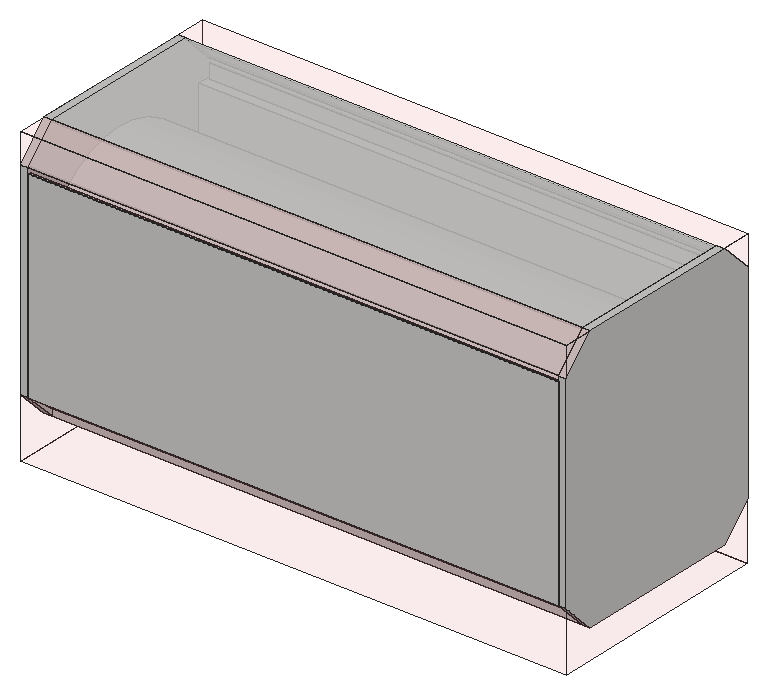
Revit family "Air-Curtain_Climate-Control_PoweredAire_ECE", category Mechanical Equipment, host Face, Revit 2022
Family settings
  Host = Face
  Round Connector Dimension = Use Diameter
  Part Type = Normal
  OmniClass Number = 23.75.35.17.21
  OmniClass Title = Air Curtains
  Cut with Voids When Loaded = No
  Maintain Annotation Orientation = No
  Shared = No
  Room Calculation Point = No
Parameters
  Warranty Duration (Years) = 0
  Unit Width Notes = "Other Widths available."  # constant formula
  Unit Width = 3' - 0"
  Unit Weight = 0
  Unit Height = 1' - 3"
  Unit Depth = 1' - 5 1/2"
  URL = "http://www.poweredaire.com/"
  Test Data = ""
  Temperature Rise_Range = "as Specified"
  Standards Conformance = "as Specified"
  Specification = "http://www.arcat.com/sdspecs/htm04/23_34_33pai.htm"
  SpecWizard = ""
  Sound Pressure = "as Specified"
  Sales Information = "http://www.poweredaire.com/contact_us"
  Revision = "R1_2016-08"
  Projection from Host [instance] = 0' - 2"
  Product Properties = ""
  Product Data = "http://www.arcat.com/arcatcos/cos47/arc47623.html"
  Power Rating = 0 W
  Outlet Volume_Range = "as Specified"
  Outlet Velocity_Range = "as Specified"
  Nozzle Width = if(1 = 1, Unit Width - 0' 1", 0' 0")  # 2' - 11"
  Mounting Width = if(1 = 1, Unit Width - 0' 0 15/16", 0' 0")  # 2' - 11 1/16"
  Mounting Height [instance] = 3' - 6"
  Motor RPM = 0
  Motor HP = 0
  Motor Count = 0
  Model = "As Specified"
  Max Height = 0' - 0"
  Manufacturer Website = "http://www.poweredaire.com/"
  Manufacturer Phone - Toll Free = "888-321-2473"
  Manufacturer Phone = "724-588-3305"
  Manufacturer Fax = "724-588-3371"
  Manufacturer Address = "109 Mortensen Rd.  Greenville, PA 16125"
  Manufacturer = "Powered Aire, Inc"
  Maintenance Schedule (Months) = 0
  Keynote = "23 34 33"
  Installation-Fabrication = ""
  Installation Phase = ""
  Include Clearance [instance] = yes
  Heating Element Load = 0 W
  HVAC_Temperature Rise [instance] = 0 °F
  HVAC_Outlet Volume [instance] = 0 CFM
  HVAC_Outlet Velocity Uniformity = 0
  HVAC_Outlet Velocity [instance] = 0 FPM
  Green Building-LEED = "http://www.arcat.com/green/clients/leed_data_47623.html"
  Front Grating Material [instance] = Metal - Steel - PoweredAire - Stainless 304 Perforated
  Frame Finish [instance] = Metal - Steel - PoweredAire - Stainless 304
  Expected Lifespan (Years) = 0
  Electrical_Wattage [instance] = Power Rating + Heating Element Load  # 0 W
  Electrical_Voltage [instance] = 0 V
  Electrical_Phase [instance] = 1
  Electrical_Frequency [instance] = 0 Hz
  Electrical_Amperage [instance] = 0 A
  Drawn By = "Sumex Design, Inc. / Robert S. Weygant, CSI, CDT, SCIP"
  Description = "Powered Aire Air Curtain as Specified"
  Default Elevation = 0' - 0"  # constant formula
  Copyright = "©Arcat Inc."
  Construction Details = "http://www.arcat.com/details/powair/prod3336.html"
  Clearance_Top [instance] = 0' - 0"
  Clearance_Side B [instance] = 0' - 0"
  Clearance_Side A [instance] = 0' - 0"
  Clearance_Intake [instance] = 0' - 0"
  Clearance_Bottom [instance] = 0' - 0"
  Clearance Material [instance] = ARCAT Clearance
  Building Codes = ""
  Available Options [instance] = "as Specified"
  Assembly Code = "D3090400"
Reference planes (in)
  plane 1 "Center (Elevation)": y = 0.13818
  plane 2: z = 0
  plane 3 "Center (Left/Right)": x = 0
  plane 4: y = 7.63818
  plane 5: y = -7.36182
  plane 6: x = -18
  plane 7: x = 18
  plane 8: z = 19.5
  plane 9 "FF": y = -41.86182
  plane 10: z = 2
  plane 11: x = 17.5
  plane 12: x = -17.5
  plane 13: y = 7.63818
  plane 14: y = -7.36182
  plane 15: x = -18
  plane 16: x = 18
  plane 17: z = 19.5
Forms (in)
  Extrusion 1, solid, material "Metal - Steel - PoweredAire - Stainless 304" <- "Frame Finish"
    sketch origin (0, 0, 0) x (0, 1, 0) y (0, 0, 1)
      loop
        line (5.69363, 2) -> (7.63818, 3.94454) -> (7.63818, 17.55546) -> (5.69363, 19.5) -> (-5.41728, 19.5) -> (-7.36182, 17.55546) -> (-7.36182, 3.94454) -> (-5.41728, 2) -> (5.69363, 2)
    from 17.5 to 18
  Extrusion 2, solid, material "Metal - Steel - PoweredAire - Stainless 304" <- "Frame Finish"
    sketch origin (0, 0, -0.5) x (0, 1, 0) y (0, 0, 1)
      loop
        circle (0.13818, 10.9739) r 6.25
      loop
        line (6.63818, 16.89427) -> (6.63818, 5.87829) -> (7.33849, 5.87829) -> (7.33849, 16.89427) -> (6.63818, 16.89427)
      loop
        line (-7.02798, 16.76927) -> (-7.02798, 5.75329) -> (-6.36182, 5.75329) -> (-6.36182, 16.76927) -> (-7.02798, 16.76927)
    from -17.5 to 17.5
  Extrusion 3, solid, material "Metal - Steel - PoweredAire - Stainless 304" <- "Frame Finish"
    sketch origin (0, 0, 0) x (0, 1, 0) y (0, 0, -1)
      loop
        line (5.69363, -2) -> (-5.41728, -2) -> (-7.36182, -3.94454) -> (-7.36182, -17.55546) -> (-5.41728, -19.5) -> (5.69363, -19.5) -> (7.63818, -17.55546) -> (7.63818, -3.94454) -> (5.69363, -2)
    from 17.5 to 18
  Extrusion 4, solid, material "Metal - Steel - PoweredAire - Stainless 304" <- "Frame Finish"
    sketch origin (0, 0, 0) x (0, 1, 0) y (0, 0, 1)
      loop
        line (-5.41728, 2) -> (5.69363, 2) -> (7.63818, 3.94454) -> (7.63818, 17.19454) -> (7.51318, 17.19454) -> (7.51318, 3.99632) -> (5.64186, 2.125) -> (-5.29228, 2.125) -> (-5.29228, 4.06954) -> (-7.23682, 4.06954) -> (-7.23682, 17.19454) -> (-7.36182, 17.19454) -> (-7.36182, 3.94454) -> (-5.41728, 3.94454) -> (-5.41728, 2)
      loop
        line (-6.64819, 3.61034) -> (-5.8702, 2.83235) -> (-5.74472, 2.95783) -> (-6.52271, 3.73583) -> (-6.64819, 3.61034)
    from -17.5 to 17.5
  Extrusion 5, solid, material "Metal - Steel - PoweredAire - Stainless 304 Perforated" <- "Front Grating Material"
    sketch origin (0, 0, 0) x (0, 1, 0) y (0, 0, 1)
      loop
        line (-7.36182, 17.19454) -> (-7.23682, 17.19454) -> (-7.23682, 17.50368) -> (-5.3655, 19.375) -> (5.64186, 19.375) -> (7.51318, 17.50368) -> (7.51318, 17.19454) -> (7.63818, 17.19454) -> (7.63818, 17.55546) -> (5.69363, 19.5) -> (-5.41728, 19.5) -> (-7.36182, 17.55546) -> (-7.36182, 17.19454)
    from -17.5 to 17.5
  Extrusion 6, solid, material "ARCAT Clearance" <- "Clearance Material", visible <- "Include Clearance"
    sketch origin (0, 0, 0) x (0, 1, 0) y (0, 0, 1)
      loop
        line (-7.36182, 19.5) -> (-7.36182, 0) -> (7.63818, 0) -> (7.63818, 19.5) -> (-7.36182, 19.5)
    from -18 to 18
Dimensions and locks (in)
  equal spacing: plane 4, plane 1 "Center (Elevation)", plane 5
  "Unit Height": plane 4 to plane 5
  equal spacing: plane 6, plane 3 "Center (Left/Right)", plane 7
  "Unit Width": plane 6 to plane 7
  "Mounting Height": plane 1 "Center (Elevation)" to plane 9 "FF"
  "Projection from Host": plane 10 to level
  "Unit Depth": plane 8 to plane 10
  locked: plane 6 to plane 12 at 0.5
  locked: plane 11 to plane 7 at 0.5
  "Clearance_Side A": plane 7 to plane 16
  "Clearance_Side B": plane 15 to plane 6
  "Clearance_Top": plane 13 to plane 4
  "Clearance_Bottom": plane 5 to plane 14
  "Clearance_Intake": plane 17 to plane 8
  aligned and locked: plane 2 to host face
  aligned and locked: level to host face
  aligned and locked: plane 7 to Extrusion 1
  aligned and locked: Extrusion 1 to plane 11
  aligned and locked: plane 12 to Extrusion 3
  aligned and locked: Extrusion 3 to plane 6
  aligned and locked: Extrusion 2 to plane 12
  aligned and locked: plane 11 to Extrusion 2
  aligned and locked: plane 11 to Extrusion 4
  aligned and locked: Extrusion 4 to plane 12
  aligned and locked: plane 11 to Extrusion 5
  aligned and locked: Extrusion 5 to plane 12
  aligned and locked: Extrusion 6 sketch curve to plane 17
  aligned and locked: plane 14 to Extrusion 6 sketch curve
  aligned and locked: level to Extrusion 6 sketch curve
  aligned and locked: Extrusion 6 sketch curve to plane 13
  aligned and locked: plane 16 to Extrusion 6
  aligned and locked: Extrusion 6 to plane 15
Automatic sketch dimensions
  host sketch curve to host sketch curve = 8' - 0"  (x2)
  Extrusion 1 sketch curve to plane 5 = 0' - 0"
  Extrusion 1 sketch curve to plane 8 = 0' - 0"
  Extrusion 1 sketch curve to plane 10 = 0' - 0"
  Extrusion 1 sketch curve to plane 4 = 0' - 0"
  plane 5 to Extrusion 1 sketch curve = 0' - 1.94454"  (x2)
  Extrusion 1 sketch curve to plane 4 = 0' - 1.94454"  (x2)
  plane 10 to Extrusion 1 sketch curve = 0' - 1.94454"  (x2)
  Extrusion 1 sketch curve to plane 8 = 0' - 1.94454"  (x2)
  Extrusion 2 sketch curve to plane 1 "Center (Elevation)" = 0' - 0"
  plane 5 to Extrusion 2 sketch curve = 0' - 1"
  plane 5 to Extrusion 2 sketch curve = 0' - 0.33384"
  Extrusion 2 sketch curve to plane 4 = 0' - 1"
  Extrusion 2 sketch curve to plane 4 = 0' - 0.29969"
  plane 10 to Extrusion 2 sketch curve = 0' - 3.37829"
  plane 10 to Extrusion 2 sketch curve = 0' - 3.25329"
  Extrusion 2 sketch curve to plane 8 = 0' - 9.0261"
  Extrusion 2 sketch curve to plane 8 = 0' - 3.23073"
  Extrusion 2 sketch curve to plane 8 = 0' - 3.10573"
  Extrusion 3 sketch curve to plane 5 = 0' - 0"
  Extrusion 3 sketch curve to plane 8 = 0' - 0"
  Extrusion 3 sketch curve to plane 10 = 0' - 0"
  Extrusion 3 sketch curve to plane 4 = 0' - 0"
  plane 5 to Extrusion 3 sketch curve = 0' - 1.94454"  (x2)
  Extrusion 3 sketch curve to plane 4 = 0' - 1.94454"  (x2)
  Extrusion 3 sketch curve to plane 8 = 0' - 1.94454"  (x2)
  plane 10 to Extrusion 3 sketch curve = 0' - 1.94454"  (x2)
  Extrusion 4 sketch curve to plane 5 = 0' - 0"
  Extrusion 4 sketch curve to plane 10 = 0' - 0"
  Extrusion 4 sketch curve to plane 4 = 0' - 0"
  plane 5 to Extrusion 4 sketch curve = 0' - 0 1/8"
  plane 5 to Extrusion 4 sketch curve = 0' - 0.71363"
  Extrusion 4 sketch curve to Extrusion 4 sketch curve = 0' - 0.12548"  (x2)
  Extrusion 4 sketch curve to Extrusion 4 sketch curve = 0' - 0.778"
  Extrusion 4 sketch curve to Extrusion 4 sketch curve = 0' - 0.32744"
  Extrusion 4 sketch curve to Extrusion 4 sketch curve = 0' - 0 1/8"  (x2)
  plane 10 to Extrusion 4 sketch curve = 0' - 0 1/8"
  Extrusion 4 sketch curve to plane 4 = 0' - 1.99632"
  Extrusion 4 sketch curve to Extrusion 4 sketch curve = 0' - 0.05178"  (x2)
  plane 10 to Extrusion 4 sketch curve = 0' - 0.83235"
  plane 10 to Extrusion 4 sketch curve = 0' - 1.94454"
  Extrusion 4 sketch curve to Extrusion 4 sketch curve = 0' - 0.3342"
  Extrusion 4 sketch curve to plane 4 = 0' - 0 1/8"
  Extrusion 4 sketch curve to plane 8 = 0' - 2.30546"  (x2)
  Extrusion 5 sketch curve to plane 5 = 0' - 0"
  Extrusion 5 sketch curve to plane 8 = 0' - 0"
  Extrusion 5 sketch curve to plane 4 = 0' - 0"
  plane 5 to Extrusion 5 sketch curve = 0' - 0 1/8"
  plane 5 to Extrusion 5 sketch curve = 0' - 1.94454"
  Extrusion 5 sketch curve to plane 8 = 0' - 0 1/8"
  Extrusion 5 sketch curve to Extrusion 5 sketch curve = 0' - 0.05178"  (x4)
  Extrusion 5 sketch curve to plane 4 = 0' - 1.99632"
  Extrusion 5 sketch curve to plane 8 = 0' - 1.94454"  (x2)
  Extrusion 5 sketch curve to Extrusion 5 sketch curve = 0' - 0 1/8"
  Extrusion 5 sketch curve to Extrusion 5 sketch curve = 0' - 0.30914"  (x2)
  radius of Extrusion 2 sketch curve = 0' - 6 1/4"
Connectors (in)
  electrical at (0, 7.63818, 10.56954), driven by "Electrical_Phase", driven by "Electrical_Voltage"
    settings: on Extrusion 4, index 1, voltage 0 V, apparent load 0 VA, apparent load phase1 0 VA, apparent load phase2 0 VA, apparent load phase3 0 VA, power factor 1, load classification "Motor", number of poles 1, system type 31, power factor state 1, is connector primary yes, connector utility no, sub classification motor no, connector description ""
